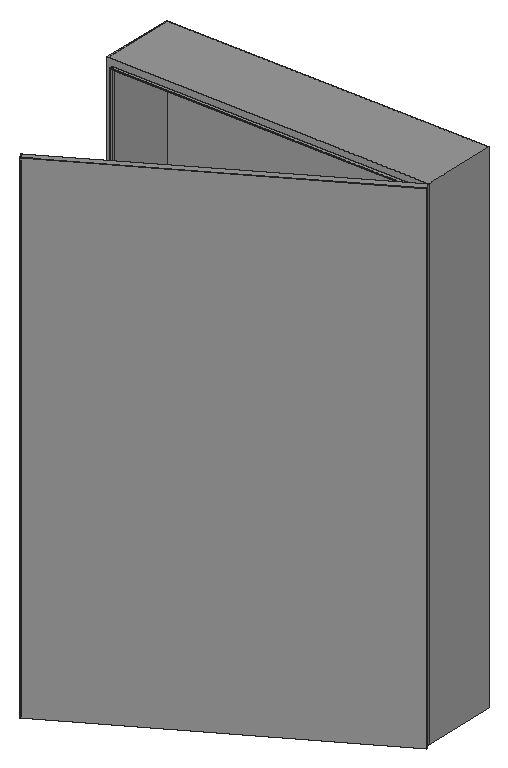
Revit family "Hager-Univers-IP44-D205-H1250-Cl.I-encl-NoHosted-PL-en", category Equipement électrique, Revit 2020
Family settings
  Configuration du panneau = Deux colonnes, circuits au sein
  Cote de connecteur circulaire = Utiliser le diamètre
  Type d'élément = Tableau de raccordement
  Basée sur le plan de construction = Oui
  Toujours verticalement = Oui
  Couper avec des vides une fois chargée = Non
  Partagée = Non
  Point de calcul de pièce = Non
Parameters (values of type "Surface mounted (plaster) IP44 W800 H1250 D205  - FP83TN2")
  Width Control [instance] = if([EF000008 - Width] > Min Width, [EF000008 - Width], Min Width)  # 800 mm
  Commentaires du type = [HG000003 - Range]  # "Univers"
  Thickness Door [instance] = if([EF009171 - Material plate thickness door/cover] > 3 mm, 3 mm, [EF009171 - Material plate thickness door/cover])  # 1 mm
  Seal Frame Offset [instance] = 17 mm  # constant formula
  Plinth Visibility [instance] = [HG000027 - Plinth height] > 0 mm  # no
  Min Width [instance] = 100 mm  # constant formula
  Min Depth [instance] = (2 * [EF009170 - Material plate thickness cabinet]) + 1 mm  # 3 mm
  Min Height [instance] = 100 mm  # constant formula
  Internal Frame Depth [instance] = (Door System Depth * 0.5)  # 9 mm
  Panel Name [instance] = ""  # (empty or 0)
  Model = ""
  HG000027 - Plinth height = 0 mm
  HG000026 - Floor standing = no
  HG000024 - Bottom section height = 600 mm
  HG000023 - Double section enclosure = no
  HG000016 - Door 3d visibility [instance] = yes
  HG000015 - Clearance visibility [instance] = no
  HG000014 - Door on the right [instance] = yes
  HG000013 - Door on the left [instance] = not([HG000014 - Door on the right])  # no
  HG000012 - Door swing angle [instance] = 30.00°
  HG000010 - Asymmetric doors = no
  HG000009 - Double swing door = no
  HG000006 - Flush mounted = no
  HG000004 - Manufacturer reference = "FP83TN2"
  HG000003 - Range = "Univers"
  HG000002 - With door or cover = yes
  Frame Offset Bottom [instance] = 10 mm  # constant formula
  Frame Offset [instance] = 15 mm  # constant formula
  EF015940 - Cover with overpressure release = no
  EF011959 - Degree of protection (NEMA) = ""
  EF009554 - Number of openings for flange plates = 6
  EF009212 - Cover model = "EV000116 - Closed"
  EF009171 - Material plate thickness door/cover = 1 mm
  EF009170 - Material plate thickness cabinet = 1 mm
  EF008873 - Nominal current (In) = 250 A
  EF007800 - Suitable for lightning protection = no
  EF006306 - With lock = no
  EF006244 - Transparent cover/door = no
  EF005474 - Degree of protection (IP) = "EV006418 - IP44"
  EF004464 - Type of door = "EV002646 - Single"
  EF004427 - Number of modules = 288
  EF004293 - Impact strength = "EV006815 - IK09"
  EF003532 - Suitable for outdoor use = no
  EF002950 - Width in number of modular spacings = 36
  EF001613 - Circuit integrity = "EV000494 - None"
  EF001596 - Material housing = "EV000179 - Steel"
  EF001131 - Internal depth = 130 mm
  EF001088 - Extension possible = yes
  EF000437 - Number of conduit inlets = 6
  EF000339 - Type of cover = "EV001012 - Cover"
  EF000266 - Number of rows = 8
  EF000218 - Built-in depth = 205 mm
  EF000118 - With mounting plate = no
  EF000116 - RAL-number = "9010"
  EF000049 - Depth = 205 mm
  EF000040 - Height = 1250 mm
  EF000008 - Width = 800 mm
  EF000007 - Colour = "EV000202 - White"
  EF000003 - Mounting method = "EV000384 - Surface mounted (plaster)"
  Door System Leaf Tolerance [instance] = 1.5 mm  # constant formula
  Door System Depth [instance] = 18 mm  # constant formula
  Door Height [instance] = Height Control - [HG000027 - Plinth height]  # 1250 mm
  Description = ""
  Default Elevation = 1219.2 mm
  Connector Offset [instance] = Height Control / 2  # 625 mm
  Fabricant = "Hager"  # constant formula
  Height Control [instance] = if([EF000040 - Height] > Min Height, [EF000040 - Height], Min Height)  # 1250 mm
  Depth Control [instance] = if([EF000049 - Depth] > Min Depth, [EF000049 - Depth], Min Depth)  # 205 mm
  Bottom Top Plate Trim [instance] = 1.5 mm  # constant formula
  Plinth height Ctrl [instance] = if([HG000027 - Plinth height] > 0 mm, [HG000027 - Plinth height], 12 mm)  # 12 mm
Types (5, lengths in mm): name | Width Control | HG000010 - Asymmetric doors | HG000009 - Double swing door | HG000004 - Manufacturer reference | EF009554 - Number of openings for flange plates | EF004464 - Type of door | EF004427 - Number of modules | EF002950 - Width in number of modular spacings | EF000437 - Number of conduit inlets | EF000008 - Width
  Surface mounted (plaster) IP44 W1050 H1250 D205  - FP84TN2 | 1050 | no | yes | "FP84TN2" | 8 | "EV003602 - Double" | 384 | 48 | 8 | 1050
  Surface mounted (plaster) IP44 W1300 H1250 D205  - FP85TN2 | 1300 | yes | yes | "FP85TN2" | 10 | "EV003602 - Double" | 480 | 60 | 10 | 1300
  Surface mounted (plaster) IP44 W300 H1250 D205  - FP81TN2 | 300 | no | no | "FP81TN2" | 2 | "EV002646 - Single" | 96 | 12 | 2 | 300
  Surface mounted (plaster) IP44 W550 H1250 D205  - FP82TN2 | 550 | no | no | "FP82TN2" | 4 | "EV002646 - Single" | 192 | 24 | 4 | 550
  Surface mounted (plaster) IP44 W800 H1250 D205  - FP83TN2 | 800 | no | no | "FP83TN2" | 6 | "EV002646 - Single" | 288 | 36 | 6 | 800
Reference planes
  plane 1 "Center (Front/Back)": y = 0
  plane 2: z = 0
  plane 3 "Center (Left/Right)": x = 0
  plane 4: y = 0
  plane 5: y = 0
  plane 6: z = 0
  plane 7: x = -400
  plane 8: x = 400
  plane 9: x = 399
  plane 10: x = -399
  plane 11: z = 0
  plane 12: z = 1
  plane 13: y = -205
  plane 14: y = -1
  plane 15: x = 0
  plane 16: y = -187
  plane 17: y = -204
  plane 18: y = -186
  plane 19: x = -384
  plane 20: x = 384
  plane 21: z = 11
  plane 22: x = -383
  plane 23: x = 383
  plane 24: z = 0
  plane 25: z = 1250
  plane 26: z = 1250
  plane 27: z = 1234
  plane 28: z = 1249
Forms (mm)
  Extrusion 1, solid, material "Hager_Steel_RAL7035_Light_Grey", detail levels medium+fine
    sketch origin (-208.679, -4572, 0) x (-1, 0, 0) y (0, -1, 0)
      loop
        line (191.321, -4385) -> (-608.679, -4385) -> (-608.679, -4572) -> (191.321, -4572) -> (191.321, -4385)
    from 0 to 1250
  Extrusion 2, void
    sketch origin (-350.771, -205, 1219.2) x (1, 0, 0) y (0, 0, 1)
      loop
        line (-48.229, 29.8) -> (-48.229, -1218.2) -> (749.771, -1218.2) -> (749.771, 29.8) -> (-48.229, 29.8)
    from -19 to -204
  Extrusion 3, void
    sketch origin (-290.084, -187, 1219.2) x (1, 0, 0) y (0, 0, 1)
      loop
        line (-93.916, -1208.2) -> (674.084, -1208.2) -> (674.084, 14.8) -> (-93.916, 14.8) -> (-93.916, -1208.2)
    from 0 to -1
  Extrusion 4, solid, material "Hager_Steel_RAL7035_Light_Grey", visible <- "Plinth Visibility", detail levels medium+fine
    sketch origin (0, 0, 0) x (1, 0, 0) y (0, 1, 0)
      loop
        line (-400, 0) -> (-400, -187) -> (400, -187) -> (400, 0) -> (-400, 0)
    from 0 to 12 <- "Plinth height Ctrl"
  Extrusion 5, solid, material "Hager_Steel_RAL7035_Light_Grey", detail levels coarse
    sketch origin (0, 0, 0) x (1, 0, 0) y (0, 1, 0)
      loop
        line (-400, 0) -> (-400, -205) -> (400, -205) -> (400, 0) -> (-400, 0)
    from 0 to 1250 <- "Height Control"
  Sweep 6, void
    path in 3D
      loop
        line (-400, -187, 12) -> (400, -187, 12) -> (400, 0, 12) -> (-400, 0, 12) -> (-400, -187, 12)
    profile origin (-400, -93.5, 12) x (1, 0, 0) y (0, 0, 1)
      loop
        line (0, 0) -> (0, -1.5) -> (1.5, -1.5)
        arc (1.5, -1.5) -> (1.061, -0.439) -> (0, 0) r 1.5
  Extrusion 7, solid, material "Hager_Steel_RAL7035_Light_Grey", detail levels fine
    sketch origin (-400, -187, 0) x (1, 0, 0) y (0, 0, 1)
      loop
        line (16, 11) -> (784, 11) -> (784, 1234) -> (16, 1234) -> (16, 11)
      loop
        line (15, 10) -> (785, 10) -> (785, 1235) -> (15, 1235) -> (15, 10)
    from 0 to 9 <- "Internal Frame Depth"
Cuts and joins
  Extrusion 2, Extrusion 3 cuts Extrusion 1
  Sweep 6 cuts Extrusion 4
Lines and regions (mm)
  Masking region 1
    outline origin (0, 0, 0) x (1, 0, 0) y (0, 1, 0)
      loop
        line (-400, 0) -> (-400, -205) -> (400, -205) -> (400, 0) -> (-400, 0)
  Masking region 2, detail levels coarse
    outline origin (-290.084, -187, 1219.2) x (-1, 0, 0) y (0, 0, 1)
      loop
        line (-690.084, -1219.2) -> (109.916, -1219.2) -> (109.916, 30.8) -> (-690.084, 30.8) -> (-690.084, -1219.2)
  Masking region 3, detail levels coarse
    outline origin (0, 0, 0) x (0, 1, 0) y (0, 0, 1)
      loop
        line (0, 0) -> (0, 1250) -> (-205, 1250) -> (-205, 0) -> (0, 0)
  Masking region 4, visible <- "Plinth Visibility", detail levels medium+fine
    outline origin (0, 0, 0) x (0, 1, 0) y (0, 0, 1)
      loop
        line (-1.5, 12) -> (-185.5, 12)
        arc (-185.5, 12) -> (-185.939, 10.939) -> (-187, 10.5) r 1.5
        line (-187, 10.5) -> (-187, 0) -> (0, 0) -> (0, 10.5)
        arc (0, 10.5) -> (-1.061, 10.939) -> (-1.5, 12) r 1.5
  Masking region 5, detail levels medium+fine
    outline origin (0, 0, 594.038) x (0, 1, 0) y (0, 0, 1)
      loop
        line (0, -594.038) -> (0, 655.962) -> (-187, 655.962) -> (-187, -594.038) -> (0, -594.038)
  Masking region 6, detail levels medium+fine
    outline origin (-359.7, -187, 1211.883) x (-1, 0, 0) y (0, 0, 1)
      loop
        line (-759.7, -1211.883) -> (40.3, -1211.883) -> (40.3, 38.117) -> (-759.7, 38.117) -> (-759.7, -1211.883)
  Masking region 7, visible <- "Plinth Visibility", detail levels medium+fine
    outline origin (-320.334, -187, 1041.368) x (-1, 0, 0) y (0, 0, 1)
      loop
        line (-720.334, -1041.368) -> (79.666, -1041.368) -> (79.666, -1030.868)
        arc (79.666, -1030.868) -> (78.606, -1030.429) -> (78.166, -1029.368) r 1.5
        line (78.166, -1029.368) -> (-718.834, -1029.368)
        arc (-718.834, -1029.368) -> (-719.273, -1030.429) -> (-720.334, -1030.868) r 1.5
        line (-720.334, -1030.868) -> (-720.334, -1041.368)
  sketch lines
    curve 1: line (-400, 0, 12) -> (-400, -187, 12)
    curve 2: line (-400, -187, 12) -> (400, -187, 12)
    curve 3: line (400, 0, 12) -> (-400, 0, 12)
    curve 4: line (400, -187, 12) -> (400, 0, 12)
Dimensions and locks
  locked: plane 1 "Center (Front/Back)" to plane 5
  "EF009170 - Material plate thickness cabinet": plane 7 to plane 10
  "EF009170 - Material plate thickness cabinet": plane 8 to plane 9
  equal spacing: plane 7, plane 3 "Center (Left/Right)", plane 8
  "Width Control": plane 7 to plane 8
  "Depth Control": plane 4 to plane 13
  "EF009170 - Material plate thickness cabinet": plane 4 to plane 14
  "Height Control": plane 25 to level
  "HG000027 - Plinth height": plane 11 to level
  "EF009170 - Material plate thickness cabinet": plane 12 to plane 11
  "EF009170 - Material plate thickness cabinet": plane 17 to plane 13
  "EF009170 - Material plate thickness cabinet": plane 18 to plane 16
  "Frame Offset Bottom": plane 21 to plane 12
  "Frame Offset": plane 10 to plane 19
  "Frame Offset": plane 9 to plane 20
  "Door System Depth": plane 16 to plane 13
  "Seal Frame Offset": plane 7 to plane 22
  "Seal Frame Offset": plane 8 to plane 23
  "EF009170 - Material plate thickness cabinet": plane 26 to plane 28
  "Frame Offset": plane 28 to plane 27
  "Connector Offset": plane 2 to connector elem
  "Bottom Top Plate Trim": profile plane to Sweep 6 sketch curve
  "Bottom Top Plate Trim": Sweep 6 sketch curve to Sweep 6 sketch curve
  "Plinth height Ctrl": Masking region 4 sketch curve to level
  "Plinth height Ctrl": Masking region 7 sketch curve to level
  "Thickness Door": Extrusion 7 sketch curve to Extrusion 7 sketch curve  (x4)
  "Bottom Top Plate Trim": radius of Sweep 6 sketch curve
  "Bottom Top Plate Trim": radius of Masking region 4 sketch curve  (x2)
  "Bottom Top Plate Trim": radius of Masking region 7 sketch curve  (x2)
  aligned and locked: Extrusion 2 sketch curve to plane 12
  aligned and locked: Extrusion 2 sketch curve to plane 9
  aligned and locked: Extrusion 2 sketch curve to plane 10
  aligned and locked: Extrusion 2 to plane 14
  aligned and locked: Extrusion 1 sketch curve to plane 4
  aligned and locked: plane 8 to Extrusion 1 sketch curve
  aligned and locked: plane 7 to Extrusion 1 sketch curve
  aligned and locked: Extrusion 2 to plane 18
  aligned and locked: Extrusion 3 sketch curve to plane 19
  aligned and locked: plane 20 to Extrusion 3 sketch curve
  aligned and locked: Extrusion 3 to Extrusion 2
  aligned and locked: Extrusion 3 sketch curve to plane 21
  aligned and locked: plane 3 "Center (Left/Right)" to nested 1
  aligned and locked: Extrusion 1 sketch curve to plane 16
  aligned and locked: Extrusion 4 sketch curve to cut or joined group of Extrusion 1, Extrusion 2, Extrusion 3
  aligned and locked: Masking region 1 sketch curve to plane 7
  aligned and locked: Masking region 1 sketch curve to plane 5
  aligned and locked: Masking region 1 sketch curve to plane 8
  aligned and locked: Masking region 2 sketch curve to level
  aligned and locked: level to Masking region 3 sketch curve
  aligned and locked: plane 1 "Center (Front/Back)" to Masking region 3 sketch curve
  aligned and locked: plane 13 to Masking region 3 sketch curve
  aligned and locked: plane 5 to Masking region 4 sketch curve
  aligned and locked: Masking region 2 sketch curve to plane 8
  aligned and locked: Masking region 2 sketch curve to plane 7
  aligned and locked: plane 7 to nested 2
  aligned and locked: nested 2 to plane 5
  aligned and locked: plane 5 to Masking region 5 sketch curve
  aligned and locked: plane 26 to Masking region 5 sketch curve
  aligned and locked: Extrusion 5 sketch curve to plane 8
  aligned and locked: Extrusion 5 sketch curve to plane 7
  aligned and locked: Extrusion 5 sketch curve to plane 5
  aligned and locked: Extrusion 3 sketch curve to plane 27
  aligned and locked: Extrusion 2 sketch curve to plane 28
  aligned and locked: Masking region 2 to plane 25
  aligned and locked: Extrusion 4 to plane 16
  aligned and locked: profile plane to Sweep 6 sketch curve
  aligned and locked: Masking region 5 sketch curve to plane 24
  aligned and locked: level to Masking region 4 sketch curve
  aligned and locked: Masking region 1 to plane 13
  aligned and locked: nested 1 to plane 16
  aligned and locked: Masking region 3 to plane 25
  aligned and locked: plane 16 to Masking region 4 sketch curve
  aligned and locked: Masking region 5 sketch curve to plane 16
  aligned and locked: plane 24 to plane 11
  aligned and locked: plane 26 to plane 25
  aligned and locked: plane 26 to cut or joined group of Extrusion 1, Extrusion 2, Extrusion 3
  aligned and locked: nested 1 to plane 24
  aligned and locked: Extrusion 1 to Extrusion 3
  aligned and locked: Masking region 6 sketch curve to plane 8
  aligned and locked: Masking region 6 sketch curve to plane 24
  aligned and locked: Masking region 6 sketch curve to plane 7
  aligned and locked: Masking region 6 sketch curve to plane 26
  aligned and locked: Masking region 7 sketch curve to plane 7
  aligned and locked: level to Masking region 7 sketch curve
  aligned and locked: Masking region 7 sketch curve to plane 8
  aligned and locked: Extrusion 7 sketch curve to cut or joined group of Extrusion 1, Extrusion 2, Extrusion 3  (x4)
Automatic sketch dimensions
  plane 19 to Extrusion 3 sketch curve = 0 mm
  Extrusion 3 sketch curve to plane 20 = 0 mm
  Extrusion 3 sketch curve to plane 21 = 0 mm
  Extrusion 4 sketch curve to plane 7 = 0 mm
  Extrusion 4 sketch curve to plane 8 = 0 mm
  Extrusion 4 sketch curve to plane 16 = 0 mm
  Masking region 1 sketch curve to plane 13 = 0 mm
  Masking region 2 sketch curve to plane 25 = 0 mm
  Masking region 3 sketch curve to plane 25 = 0 mm
  Extrusion 5 sketch curve to plane 13 = 0 mm
  profile plane to Sweep 6 sketch curve = 0 mm
Nested families
  nested 1: "EC000058_Univers_Door" at (0, -187, 0), Double <- "HG000009 - Double swing door", Transparent <- "EF006244 - Transparent cover/door", Angle <- "HG000012 - Door swing angle", Door_Right <- "HG000014 - Door on the right", Assymetrical <- "HG000010 - Asymmetric doors", Door <- "HG000002 - With door or cover", Width_Ctrl <- "Width Control", 3d_Door <- "HG000016 - Door 3d visibility", Clearance <- "HG000015 - Clearance visibility", Door_Left <- "HG000013 - Door on the left", Width <- "Width Control", Door_Depth <- "Door System Depth", Leaf_Tolerance <- "Door System Leaf Tolerance", Height <- "Door Height", Lock_Visibility <- "EF006306 - With lock", Thickness <- "Thickness Door", type "EC000058_Univers_Door", detail levels medium+fine
    with min_wh 3 mm, Width_Ctrl 800 mm, Width 800 mm, Transparent no, Thickness 1 mm, Seal_Material Hager_Rubber, Lock_Visibility no, Lock_Material Hager_Plastic_RAL9005_Jet_Black, Leaf_Width 800 mm, Leaf_Tolerance_External_Sides 0 mm, Leaf_Tolerance 1.5 mm, Leaf_Offset 0 mm, Leaf_Height 1247 mm, Leaf_2_Width 800 mm, Leaf_2_Offset 400 mm, Leaf_1_Width 800 mm, Leaf_1_Offset 400 mm, Height_Ctrl 1250 mm, Height 1250 mm, Glass_Material Hager_Glass, Double_Clearance_Ctrl no, Double no, Door_Right_Ctrl yes, Door_Right yes, Door_Material Hager_Steel_RAL7035_Light_Grey, Door_Left_Ctrl no, Door_Left no, Door_Depth 18 mm, Door yes, Clearance_Material Hager_Clearance, Clearance_Depth 800 mm, Clearance_Ctrl no, Clearance no, Assymetrical no, Angle 30.00°, 3d_Door yes
  nested 2: "Hager_Enclosure_Symbol" at (-400, 0, 0), Height <- "Depth Control", Width <- "Width Control", type "Hager_Enclosure_Symbol"
    with Width_Ctrl 800 mm, Width 800 mm, Height_Ctrl 205 mm, Height 205 mm, A_Width_Int 13.453 mm, A_Width 161.438 mm, A_Height_Ctrl 179.375 mm, A_Height 179.375 mm
Connectors
  electrical at (0, 0, 625)
    settings: on plane 1 "Center (Front/Back)", index 1, voltage 0 V, apparent load 0 VA, apparent load phase1 0 VA, apparent load phase2 0 VA, apparent load phase3 0 VA, power factor 1, load classification "Other", number of poles 1, system type 30, power factor state 1, is connector primary yes, connector utility no, sub classification motor no, connector description ""
Definition of nested family "EC000058_Univers_Door"
  Parameters (values of type "EC000058_Univers_Door")
    min_wh [instance] = (2 * Thickness) + 1 mm  # 11 mm
    Width_Ctrl [instance] = 400 mm
    Width [instance] = 500 mm
    Transparent [instance] = yes
    Thickness [instance] = 5 mm
    Seal_Material [instance] = none
    Lock_Visibility [instance] = yes
    Lock_Material [instance] = none
    Leaf_Width [instance] = if((Width_Ctrl - 2 * Leaf_Tolerance_External_Sides) > 0 mm, (Width_Ctrl - 2 * Leaf_Tolerance_External_Sides), min_wh)  # 400 mm
    Leaf_Tolerance_External_Sides [instance] = 0 mm  # constant formula
    Leaf_Tolerance [instance] = 1.5 mm
    Leaf_Offset [instance] = 0 mm  # constant formula
    Leaf_Height [instance] = if((Height_Ctrl - 2 * Leaf_Tolerance) > 0 mm, (Height_Ctrl - 2 * Leaf_Tolerance), min_wh)  # 497 mm
    Leaf_2_Width [instance] = if(and(and(Double, Assymetrical), Door_Left), (Leaf_Width / 3) - (Leaf_Tolerance / 2), if(and(and(Double, Assymetrical), Door_Right), (Leaf_Width / 3) * 2 - (Leaf_Tolerance / 2), if(and(Double, not(Assymetrical)), (Leaf_Width / 2) - Leaf_Tolerance, Leaf_Width)))  # 400 mm
    Leaf_2_Offset [instance] = if(and(Double, Assymetrical), Leaf_2_Width / 2, if(and(Double, not(Assymetrical)), Leaf_Width / 4, Leaf_Width / 2))  # 200 mm
    Leaf_1_Width [instance] = if(and(and(Double, Assymetrical), Door_Right), (Leaf_Width / 3) - (Leaf_Tolerance / 2), if(and(and(Double, Assymetrical), Door_Left), (Width / 3) * 2 - (Leaf_Tolerance / 2), if(and(Double, not(Assymetrical)), (Leaf_Width / 2) - Leaf_Tolerance, Leaf_Width)))  # 400 mm
    Leaf_1_Offset [instance] = if(and(Double, Assymetrical), Leaf_1_Width / 2, if(and(Double, not(Assymetrical)), Leaf_Width / 4, Leaf_Width / 2))  # 200 mm
    Height_Ctrl [instance] = if(Height > min_wh, Height, min_wh)  # 500 mm
    Height [instance] = 500 mm
    Glass_Material [instance] = none
    Double_Clearance_Ctrl [instance] = and(Double, Clearance)  # no
    Double [instance] = no
    Door_Right_Ctrl [instance] = and(or(Door_Right, Double), Door)  # yes
    Door_Right [instance] = yes
    Door_Material [instance] = none
    Door_Left_Ctrl [instance] = and(or(Door_Left, Double), Door)  # no
    Door_Left [instance] = no
    Door_Depth [instance] = 30 mm
    Door [instance] = yes
    Default Elevation = 1219.2 mm
    Clearance_Material [instance] = none
    Clearance_Depth [instance] = if(Leaf_1_Width > Leaf_2_Width, Leaf_1_Width, Leaf_2_Width)  # 400 mm
    Clearance_Ctrl [instance] = and(not(Double), Clearance)  # yes
    Clearance [instance] = yes
    Assymetrical [instance] = yes
    Angle [instance] = 30.00°
    3d_Door [instance] = yes
  Reference planes
    plane 1 "Center (Front/Back)": y = 0
    plane 2 "Bottom": z = 0
    plane 3 "Center (Left/Right)": x = 0
    plane 4: z = 500
    plane 5: x = -200
    plane 6: x = 200
    plane 7: z = 500
    plane 8: x = -200
    plane 9: z = 0
    plane 10: x = 200
    plane 11: y = 0
    plane 12: z = 1.5
    plane 13: x = -600
    plane 14: y = -400
    plane 15: x = 600
    plane 16: x = 0
    plane 17: x = 0
    plane 18: x = -200
    plane 19: x = 200
    plane 20: z = 498.5
  Forms (mm)
    Extrusion 1, solid, material <- "Clearance_Material", visible <- "Double_Clearance_Ctrl"
      sketch origin (1200, 0, 0) x (1, 0, 0) y (0, 0, -1)
        loop
          line (-1800, -498.5) -> (-600, -498.5) -> (-600, 0) -> (-1800, 0) -> (-1800, -498.5)
      from 0 to -400
  Dimensions and locks
    equal spacing: plane 5, plane 3 "Center (Left/Right)", plane 6
    "Width_Ctrl": plane 5 to plane 6
    "Leaf_Offset": plane 5 to plane 8
    "Leaf_Offset": plane 6 to plane 10
    "Leaf_Offset": plane 9 to level
    "Leaf_Offset": plane 4 to plane 7
    "Height_Ctrl": plane 4 to level
    "Leaf_Tolerance": plane 12 to plane 9
    locked: plane 11 to plane 1 "Center (Front/Back)"
    "Leaf_1_Offset": plane 18 to plane 16
    "Leaf_2_Offset": plane 17 to plane 19
    "Leaf_1_Width": plane 13 to plane 8
    "Leaf_2_Width": plane 10 to plane 15
    "Clearance_Depth": plane 14 to plane 1 "Center (Front/Back)"
    "Leaf_Tolerance_External_Sides": plane 8 to plane 18
    "Leaf_Tolerance_External_Sides": plane 19 to plane 10
    "Leaf_Tolerance": plane 7 to plane 20
    aligned and locked: level to plane 2 "Bottom"
    aligned and locked: nested 1 to plane 16
    aligned and locked: nested 2 to plane 17
    aligned and locked: Extrusion 1 to plane 13
    aligned and locked: plane 15 to Extrusion 1
    aligned and locked: Extrusion 1 to plane 14
    aligned and locked: plane 12 to nested 1
    aligned and locked: nested 2 to plane 12
    aligned and locked: Extrusion 1 to plane 11
    aligned and locked: plane 20 to Extrusion 1
    aligned and locked: nested 2 to plane 11
    aligned and locked: nested 1 to plane 11
  Automatic sketch dimensions
    Extrusion 1 sketch curve to level = 0 mm
    plane 5 to Extrusion 1 sketch curve = 400 mm
    plane 6 to Extrusion 1 sketch curve = 400 mm
    Extrusion 1 sketch curve to plane 4 = 1.5 mm
  Nested families
    nested 1: "EC000058_Univers_Door_Leaf" at (0, 0, 1.5), Width <- "Leaf_1_Width", visible <- "Door_Left_Ctrl", Leaf_Height <- "Leaf_Height", Angle <- "Angle", 3d_Door <- "3d_Door", Transparent <- "Transparent", Clearance Material <- "Clearance_Material", Clearance <- "Clearance_Ctrl", Door_Material <- "Door_Material", Glass_Material <- "Glass_Material", Door_Depth <- "Door_Depth", Lock_Material <- "Lock_Material", Seal_Material <- "Seal_Material", Lock_Visibility <- "Lock_Visibility", Thickness <- "Thickness", type "EC000058_Univers_Door_Leaf"
      with Width 400 mm, Transparent_Glass_Offset 30 mm, Transparent_Ctrl yes, Transparent yes, Thickness 5 mm, Standard no, Seal_Material none, Seal_D2 8 mm, Seal_D1 1 mm, Offset_Internal_Frame 10 mm, Lock_Width 20 mm, Lock_Visibility_3d yes, Lock_Visibility yes, Lock_Thickness_3 3 mm, Lock_Thickness_2 1 mm, Lock_Thickness_1 3 mm, Lock_Radius_Offset_2 16 mm, Lock_Radius_Offset_1 15 mm, Lock_Radius_2 5 mm, Lock_Radius 6 mm, Lock_Offset 5 mm, Lock_Material none, Lock_Height 80 mm, Lock_Cover_Top_Offset_2d 17 mm, Lock_Cover_Height -65 mm, Leaf_Height 497 mm, Internal_Seal_Thickness 8 mm, Internal_Seal_Depth_2 4.5 mm, Internal_Frame_Depth 25 mm, Glass_Thickness -1 mm, Glass_Offset -2 mm, Glass_Material none, Door_Material none, Door_Depth 30 mm, Clearance Material none, Clearance yes, Angle_Ctrl 30.00°, Angle 30.00°, 3d_Door yes
    nested 2: "EC000058_Univers_Door_Leaf" at (0, 0, 1.5) x (-1, 0, 0) z (0, 0, 1), Width <- "Leaf_2_Width", visible <- "Door_Right_Ctrl", Leaf_Height <- "Leaf_Height", Angle <- "Angle", 3d_Door <- "3d_Door", Transparent <- "Transparent", Clearance Material <- "Clearance_Material", Clearance <- "Clearance_Ctrl", Door_Material <- "Door_Material", Glass_Material <- "Glass_Material", Door_Depth <- "Door_Depth", Lock_Material <- "Lock_Material", Seal_Material <- "Seal_Material", Lock_Visibility <- "Lock_Visibility", Thickness <- "Thickness", type "EC000058_Univers_Door_Leaf"
      with Width 400 mm, Transparent_Glass_Offset 30 mm, Transparent_Ctrl yes, Transparent yes, Thickness 5 mm, Standard no, Seal_Material none, Seal_D2 8 mm, Seal_D1 1 mm, Offset_Internal_Frame 10 mm, Lock_Width 20 mm, Lock_Visibility_3d yes, Lock_Visibility yes, Lock_Thickness_3 3 mm, Lock_Thickness_2 1 mm, Lock_Thickness_1 3 mm, Lock_Radius_Offset_2 16 mm, Lock_Radius_Offset_1 15 mm, Lock_Radius_2 5 mm, Lock_Radius 6 mm, Lock_Offset 5 mm, Lock_Material none, Lock_Height 80 mm, Lock_Cover_Top_Offset_2d 17 mm, Lock_Cover_Height -65 mm, Leaf_Height 497 mm, Internal_Seal_Thickness 8 mm, Internal_Seal_Depth_2 4.5 mm, Internal_Frame_Depth 25 mm, Glass_Thickness -1 mm, Glass_Offset -2 mm, Glass_Material none, Door_Material none, Door_Depth 30 mm, Clearance Material none, Clearance yes, Angle_Ctrl 30.00°, Angle 30.00°, 3d_Door yes
  Definition of nested family "EC000058_Univers_Door_Leaf"
    Parameters (values of type "EC000058_Univers_Door_Leaf")
      Width [instance] = 2000 mm
      Transparent_Glass_Offset [instance] = 30 mm
      Transparent_Ctrl [instance] = and(Transparent, [3d_Door])  # yes
      Transparent [instance] = yes
      Thickness [instance] = 5 mm
      Standard [instance] = and(not(Transparent), [3d_Door])  # no
      Seal_Material [instance] = none
      Seal_D2 [instance] = 8 mm  # constant formula
      Seal_D1 [instance] = 1 mm  # constant formula
      Offset_Internal_Frame [instance] = 10 mm  # constant formula
      Lock_Width [instance] = 20 mm  # constant formula
      Lock_Visibility_3d [instance] = and(Lock_Visibility, [3d_Door])  # yes
      Lock_Visibility [instance] = yes
      Lock_Thickness_3 [instance] = 3 mm  # constant formula
      Lock_Thickness_2 [instance] = 1 mm  # constant formula
      Lock_Thickness_1 [instance] = 3 mm  # constant formula
      Lock_Radius_Offset_2 [instance] = Lock_Radius_Offset_1 + 1 mm  # 16 mm
      Lock_Radius_Offset_1 [instance] = 15 mm  # constant formula
      Lock_Radius_2 [instance] = Lock_Radius - 1 mm  # 5 mm
      Lock_Radius [instance] = 6 mm  # constant formula
      Lock_Offset [instance] = 5 mm  # constant formula
      Lock_Material [instance] = none
      Lock_Height [instance] = 80 mm  # constant formula
      Lock_Cover_Top_Offset_2d [instance] = Lock_Radius_Offset_2 + 1 mm  # 17 mm
      Lock_Cover_Height [instance] = -(Lock_Height - Lock_Radius_Offset_1)  # -65 mm
      Leaf_Height [instance] = 2720.336 mm
      Internal_Seal_Thickness [instance] = 8 mm  # constant formula
      Internal_Seal_Depth_2 [instance] = 4.5 mm  # constant formula
      Internal_Frame_Depth [instance] = if(Door_Depth - Thickness > 5 mm, Door_Depth - Thickness, 5 mm)  # 25 mm
      Glass_Thickness [instance] = if(Thickness > 15 mm, Glass_Offset + 10 mm, -1 mm)  # -1 mm
      Glass_Offset [instance] = if(Thickness > 15 mm, -(Thickness + 10 mm) / 2, -2 mm)  # -2 mm
      Glass_Material [instance] = none
      Door_Material [instance] = none
      Door_Depth [instance] = 30 mm
      Default Elevation = 0 mm
      Clearance Material [instance] = none
      Clearance [instance] = yes
      Angle_Ctrl [instance] = if(Angle > 180.00°, 180.00°, Angle)  # 90.00°
      Angle [instance] = 90.00°
      3d_Door [instance] = yes
    Reference planes
      plane 1 "Center (Front/Back)": y = 0
      plane 2: z = 0
      plane 3 "Center (Left/Right)": x = 0
      plane 4: y = 2000
      plane 5: x = -1000
      plane 6: x = 1000
      plane 7: x = -3000
      plane 8: z = 2720.336
      plane 9: z = 30
      plane 10: z = 2690.336
      plane 11: x = 970
      plane 12: x = -970
      plane 13: y = -3
      plane 14: z = 107.833
      plane 15: y = -5
      plane 16: y = -223.314
      plane 17: x = -1000
      plane 18: z = 1360.168
      plane 19: y = 30
    Forms (mm)
      Extrusion 1, solid, material <- "Clearance Material", visible <- "Clearance"
        sketch origin (0, 0, 0) x (1, 0, 0) y (0, 0, 1)
          loop
            line (-3000, 2720.336) -> (-3000, 0) -> (1000, 0) -> (1000, 2720.336) -> (-3000, 2720.336)
        from 0 to -2000
      Extrusion 2, solid, material <- "Door_Material", visible <- "Standard", detail levels medium+fine
        sketch origin (-1000, 0, 0) x (0, 1, 0) y (-1, 0, 0)
          loop
            line (0, 30) -> (0, 25) -> (2000, 25) -> (2000, 30) -> (0, 30)
        from 0 to 2720.336 <- "Leaf_Height"
      Extrusion 3, solid, material <- "Door_Material", visible <- "Transparent_Ctrl", detail levels medium+fine
        sketch origin (-1000, 0, 0) x (0, 1, 0) y (-1, 0, 0)
          loop
            line (0, 25) -> (2000, 25) -> (2000, 30) -> (0, 30) -> (0, 25)
        from 0 to 2720.336 <- "Leaf_Height"
      Extrusion 4, void
        sketch origin (-1025, 2000, 0) x (0, 1, 0) y (0, 0, -1)
          loop
            line (-30, -2690.336) -> (-30, -30) -> (-1970, -30) -> (-1970, -2690.336) -> (-30, -2690.336)
        from 0 to 5 <- "Thickness"
      Sweep 5, solid, material <- "Seal_Material", visible <- "Transparent_Ctrl", detail levels fine
        path in 3D
          loop
            line (-1025, 30, 30) -> (-1025, 30, 2690.336) -> (-1025, 1970, 2690.336) -> (-1025, 1970, 30) -> (-1025, 30, 30)
        profile origin (-1025, 1000, 30) x (1, 0, 0) y (0, 0, 1)
          loop
            line (0, 0) -> (0, -8) -> (1, -8) -> (1, 0) -> (0, 0)
      Extrusion 6, solid, material <- "Glass_Material", visible <- "Transparent_Ctrl", detail levels medium+fine
        sketch origin (-1030, 0, 0) x (0, 1, 0) y (0, 0, -1)
          loop
            line (1970, -2690.336) -> (1970, -30) -> (30, -30) -> (30, -2690.336) -> (1970, -2690.336)
        from -2 <- "Glass_Offset" to -1 <- "Glass_Thickness"
      Extrusion 7, solid, material <- "Door_Material", visible <- "3d_Door", detail levels medium+fine
        sketch origin (-1025, 2000, 0) x (0, -1, 0) y (0, 0, -1)
          loop
            line (0, -2720.336) -> (2000, -2720.336) -> (2000, 0) -> (0, 0) -> (0, -2720.336)
          loop
            line (1995, -5) -> (5, -5) -> (5, -2715.336) -> (1995, -2715.336) -> (1995, -5)
        from 0 to 25 <- "Internal_Frame_Depth"
      Sweep 8, solid, material <- "Seal_Material", visible <- "Transparent_Ctrl", detail levels fine
        path in 3D
          loop
            line (-1025, 0, 0) -> (-1025, 2000, 0) -> (-1025, 2000, 2720.336) -> (-1025, 0, 2720.336) -> (-1025, 0, 0)
        profile origin (-1025, 0, 1360.168) x (1, 0, 0) y (0, 1, 0)
          loop
            line (0, 10) -> (2.975, 10)
            arc (2.975, 10) -> (4.053, 10.447) -> (4.5, 11.525) r 1.525
            line (4.5, 11.525) -> (4.5, 16.527)
            arc (4.5, 16.527) -> (4.069, 17.569) -> (3.027, 18) r 1.473
            line (3.027, 18) -> (0, 18) -> (0, 10)
      Extrusion 9, solid, material <- "Lock_Material", visible <- "Lock_Visibility_3d", detail levels fine
        sketch origin (-1030, 0, 0) x (0, 1, 0) y (0, 0, -1)
          loop
            arc (1993.5, -1400.168) -> (1994.561, -1399.729) -> (1995, -1398.668) r 1.5
            line (1995, -1398.668) -> (1995, -1320.168) -> (1975, -1320.168) -> (1975, -1398.668)
            arc (1975, -1398.668) -> (1975.439, -1399.729) -> (1976.5, -1400.168) r 1.5
            line (1976.5, -1400.168) -> (1993.5, -1400.168)
        from 3 <- "Lock_Thickness_1" to 0
      Blend 10, solid, material <- "Lock_Material", visible <- "Lock_Visibility_3d", detail levels fine
        base sketch origin (-1033, 0, 0) x (0, 1, 0) y (0, 0, -1)
          loop
            line (1975, -1320.168) -> (1975, -1398.668)
            arc (1975, -1398.668) -> (1975.439, -1399.729) -> (1976.5, -1400.168) r 1.5
            line (1976.5, -1400.168) -> (1993.5, -1400.168)
            arc (1993.5, -1400.168) -> (1994.561, -1399.729) -> (1995, -1398.668) r 1.5
            line (1995, -1398.668) -> (1995, -1320.168) -> (1975, -1320.168)
        top sketch origin (-1033, 0, 0) x (0, 1, 0) y (0, 0, -1)
          loop
            line (1976, -1320.168) -> (1976, -1398.668)
            arc (1976, -1398.668) -> (1976.146, -1399.022) -> (1976.5, -1399.168) r 0.5
            line (1976.5, -1399.168) -> (1993.5, -1399.168)
            arc (1993.5, -1399.168) -> (1993.854, -1399.022) -> (1994, -1398.668) r 0.5
            line (1994, -1398.668) -> (1994, -1320.168) -> (1976, -1320.168)
        from 0 to 1 <- "Lock_Thickness_2"
      Blend 11, solid, material <- "Lock_Material", visible <- "Lock_Visibility_3d", detail levels fine
        base sketch origin (-1034, 0, 0) x (0, 1, 0) y (0, 0, -1)
          loop
            line (1978, -1320.168) -> (1978, -1384.168)
            arc (1978, -1384.168) -> (1985, -1391.168) -> (1992, -1384.168) r 7
            line (1992, -1384.168) -> (1992, -1320.168) -> (1978, -1320.168)
        top sketch origin (-1034, 0, 0) x (0, 1, 0) y (0, 0, -1)
          loop
            line (1991, -1320.168) -> (1979, -1320.168) -> (1979, -1383.168)
            arc (1979, -1383.168) -> (1985, -1389.168) -> (1991, -1383.168) r 6
            line (1991, -1383.168) -> (1991, -1320.168)
        from 0 to 3 <- "Lock_Thickness_3"
      Extrusion 12, solid, material <- "Lock_Material", visible <- "Lock_Visibility_3d", detail levels fine
        sketch origin (-1030, 1975, 1320.168) x (1, 0, 0) y (0, -1, 0)
          loop
            line (-7, -19) -> (-7, -1) -> (0, -1) -> (0, 0) -> (-8, 0) -> (-8, -20) -> (0, -20) -> (0, -19) -> (-7, -19)
        from 0 to -65 <- "Lock_Cover_Height"
      Extrusion 13, void
        sketch origin (-1038, 1995, 1320.168) x (-1, 0, 0) y (0, 0, -1)
          loop
            line (-5, -65) -> (0, -65) -> (-5, -60) -> (-5, -65)
        from 0 to 20 <- "Lock_Width"
      Extrusion 14, void
        sketch origin (-1038, 1975, 1320.168) x (0, -1, 0) y (0, 0, -1)
          loop
            circle (-10, -15.995) r 6
          loop
            circle (-10, -15.995) r 5
        from 0 to 2
      Extrusion 15, solid, material <- "Lock_Material", visible <- "Lock_Visibility_3d", detail levels medium
        sketch origin (-1030, 0, 0) x (0, 1, 0) y (0, 0, -1)
          loop
            arc (1993.5, -1400.168) -> (1994.561, -1399.729) -> (1995, -1398.668) r 1.5
            line (1995, -1398.668) -> (1995, -1320.168) -> (1975, -1320.168) -> (1975, -1398.668)
            arc (1975, -1398.668) -> (1975.439, -1399.729) -> (1976.5, -1400.168) r 1.5
            line (1976.5, -1400.168) -> (1993.5, -1400.168)
        from 8 to 0
    Cuts and joins
      Extrusion 4 cuts Extrusion 3
      Extrusion 13, Extrusion 14 cuts Extrusion 9
      Extrusion 14 cuts Blend 11
      Extrusion 13, Extrusion 14 cuts Extrusion 12
      joined: Extrusion 9, Blend 10, Blend 11, Extrusion 12
      Extrusion 14 cuts Extrusion 15
    Lines and regions (mm)
      Masking region 1, visible <- "Lock_Visibility", detail levels fine
        outline origin (0, 0, 0) x (0, 1, 0) y (0, 0, 1)
          loop
            line (30, 1320.168) -> (33, 1320.168) -> (33, 1400.168) -> (30, 1400.168) -> (30, 1320.168)
      Masking region 2, visible <- "Lock_Visibility", detail levels fine
        outline origin (0, 3.143, 0) x (0, 1, 0) y (0, 0, 1)
          loop
            line (29.857, 1354.168) -> (30.857, 1354.168) -> (30.857, 1366.168) -> (29.857, 1366.168) -> (29.857, 1354.168)
      Masking region 3, detail levels medium+fine
        outline origin (0, 0, 0) x (0, 1, 0) y (0, 0, 1)
          loop
            line (0, 0) -> (30, 0) -> (30, 2720.336) -> (0, 2720.336) -> (0, 0)
      Masking region 4, detail levels medium+fine
        outline origin (0, 0, 0) x (1, 0, 0) y (0, 0, 1)
          loop
            line (-1000, 2720.336) -> (-1000, 0) -> (1000, 0) -> (1000, 2720.336) -> (-1000, 2720.336)
      Masking region 5, visible <- "Lock_Visibility", detail levels fine
        outline origin (-47.116, 0, 0) x (1, 0, 0) y (0, 0, 1)
          loop
            arc (1024.616, 1399.168) -> (1023.556, 1398.729) -> (1023.116, 1397.668) r 1.5
            line (1023.116, 1397.668) -> (1023.116, 1320.168) -> (1041.116, 1320.168) -> (1041.116, 1397.668)
            arc (1041.116, 1397.668) -> (1040.677, 1398.729) -> (1039.616, 1399.168) r 1.5
            line (1039.616, 1399.168) -> (1024.616, 1399.168)
      Masking region 6, visible <- "Lock_Visibility", detail levels medium+fine
        outline origin (-25, 0, 0) x (1, 0, 0) y (0, 0, 1)
          loop
            arc (1001.5, 1400.168) -> (1000.439, 1399.729) -> (1000, 1398.668) r 1.5
            line (1000, 1398.668) -> (1000, 1320.168) -> (1020, 1320.168) -> (1020, 1398.668)
            arc (1020, 1398.668) -> (1019.561, 1399.729) -> (1018.5, 1400.168) r 1.5
            line (1018.5, 1400.168) -> (1001.5, 1400.168)
      Masking region 7, visible <- "Lock_Visibility", detail levels fine
        outline origin (-73.735, 0, 0) x (1, 0, 0) y (0, 0, 1)
          loop
            line (1051.735, 1382.168) -> (1065.735, 1382.168) -> (1065.735, 1384.168)
            arc (1065.735, 1384.168) -> (1058.735, 1391.168) -> (1051.735, 1384.168) r 7
            line (1051.735, 1384.168) -> (1051.735, 1382.168)
      Masking region 8, visible <- "Lock_Visibility", detail levels fine
        outline origin (-73.735, 0, 0) x (1, 0, 0) y (0, 0, 1)
          loop
            line (1052.735, 1382.168) -> (1064.735, 1382.168) -> (1064.735, 1383.168)
            arc (1064.735, 1383.168) -> (1058.735, 1389.168) -> (1052.735, 1383.168) r 6
            line (1052.735, 1383.168) -> (1052.735, 1382.168)
      Masking region 9, visible <- "Lock_Visibility", detail levels fine
        outline origin (-25, 0, 0) x (1, 0, 0) y (0, 0, 1)
          loop
            line (1020, 1320.168) -> (1020, 1382.168) -> (1000, 1382.168) -> (1000, 1320.168) -> (1020, 1320.168)
      Masking region 10, detail levels medium+fine
        outline origin (0, 0, 0) x (1, 0, 0) y (0, 0, 1)
          loop
            circle (985, 1335.144) r 6
      Masking region 11, detail levels fine
        outline origin (0, 0, 0) x (1, 0, 0) y (0, 0, 1)
          loop
            circle (985, 1335.144) r 5
      Masking region 12, visible <- "Lock_Visibility", detail levels fine
        outline origin (0, 12.767, 0) x (0, 1, 0) y (0, 0, 1)
          loop
            line (20.233, 1320.168) -> (21.233, 1320.168) -> (21.233, 1399.168) -> (20.233, 1400.168) -> (20.233, 1320.168)
      Masking region 13, visible <- "Lock_Visibility", detail levels fine
        outline origin (0, 13.767, -10) x (0, 1, 0) y (0, 0, 1)
          loop
            line (20.233, 1330.168) -> (23.233, 1330.168) -> (23.233, 1399.168) -> (20.233, 1402.168) -> (20.233, 1330.168)
      Masking region 14, visible <- "Lock_Visibility", detail levels fine
        outline origin (0, 12.767, -10) x (0, 1, 0) y (0, 0, 1)
          loop
            line (20.233, 1330.168) -> (25.233, 1330.168) -> (25.233, 1399.305) -> (20.233, 1394.305) -> (20.233, 1330.168)
      Masking region 15, visible <- "Lock_Visibility", detail levels medium
        outline origin (0, 0, 0) x (0, 1, 0) y (0, 0, 1)
          loop
            line (30, 1320.168) -> (38, 1320.168) -> (38, 1400.168) -> (30, 1400.168) -> (30, 1320.168)
      Masking region 16, visible <- "Lock_Visibility", detail levels fine
        outline origin (-1000, 0, 0) x (0, 1, 0) y (-1, 0, 0)
          loop
            line (1975, 30) -> (1995, 30) -> (1995, 38) -> (1975, 38) -> (1975, 30)
          loop
            line (1979, 37) -> (1976, 37) -> (1976, 34) -> (1978, 34) -> (1979, 37)
          loop
            line (1994, 37) -> (1991, 37) -> (1992, 34) -> (1994, 34) -> (1994, 37)
      Masking region 17, visible <- "Lock_Visibility", detail levels medium
        outline origin (-1000, 0, 0) x (0, 1, 0) y (-1, 0, 0)
          loop
            line (1975, 30) -> (1995, 30) -> (1995, 38) -> (1975, 38) -> (1975, 30)
      symbolic lines
        curve 1: line (1000, 0, 0) -> (-3000, 0, 0)
        curve 2: arc (1000, 0, 0) -> (-1000, 2000, 0) -> (-3000, 0, 0) r 2000
        curve 4: line (-1030, 0, 0) -> (-1030, 2000, 0)
      reference lines
        curve 3: line (-1000, 0, 0) -> (-1000, 2000, 0)
      symbolic lines, detail levels medium+fine
        curve 5: line (-1030, 2000, 0) -> (-1025, 2000, 0)
        curve 7: line (-1025, 0, 0) -> (-1030, 0, 0)
        curve 8: line (-1025, 0, 0) -> (-1000, 0, 0)
        curve 9: line (-1000, 0, 0) -> (-1000, 2000, 0)
        curve 10: line (-1000, 2000, 0) -> (-1025, 2000, 0)
      symbolic lines, detail levels fine
        curve 6: line (-1025, 2000, 0) -> (-1025, 0, 0)
      sketch lines
        curve 11: line (-1025, 0, 2720.336) -> (-1025, 0, 0)
        curve 12: line (-1025, 2000, 0) -> (-1025, 0, 0)
        curve 13: line (-1025, 2000, 2720.336) -> (-1025, 2000, 0)
        curve 14: line (-1025, 0, 2720.336) -> (-1025, 2000, 2720.336)
        curve 15: line (-1025, 1970, 30) -> (-1025, 30, 30)
        curve 16: line (-1025, 30, 30) -> (-1025, 30, 2690.336)
        curve 17: line (-1025, 1970, 2690.336) -> (-1025, 1970, 30)
        curve 18: line (-1025, 30, 2690.336) -> (-1025, 1970, 2690.336)
      symbolic lines, visible <- "Transparent", detail levels medium+fine
        curve 19: line (-970, 0, 2690.336) -> (970, 0, 2690.336)
        curve 20: line (-970, 0, 30) -> (-970, 0, 2690.336)
        curve 21: line (970, 0, 30) -> (-970, 0, 30)
        curve 22: line (970, 0, 2690.336) -> (970, 0, 30)
    Dimensions and locks
      "Width": plane 1 "Center (Front/Back)" to plane 4
      equal spacing: plane 5, plane 3 "Center (Left/Right)", plane 6
      "Width": plane 5 to plane 6
      "Width": plane 7 to plane 5
      "Leaf_Height": plane 8 to level
      "Width": curve 5 to curve 3
      "Width": curve 3 to curve 3
      plane 8 to plane 10 = 30 mm
      plane 9 to level = 30 mm
      plane 12 to plane 5 = 30 mm
      plane 6 to plane 11 = 30 mm
      Extrusion 1 to Extrusion 4 sketch curve = 30 mm
      "Transparent_Glass_Offset": curve 3 to Extrusion 4 sketch curve
      "Transparent_Glass_Offset": Extrusion 4 sketch curve to cut or joined group of Extrusion 3, Extrusion 4  (x2)
      cut or joined group of Extrusion 3, Extrusion 4 to Extrusion 6 sketch curve = 30 mm
      "Transparent_Glass_Offset": cut or joined group of Extrusion 3, Extrusion 4 to Extrusion 4 sketch curve
      "Thickness": curve 6 to curve 4
      "Thickness": Extrusion 7 sketch curve to Extrusion 7 sketch curve  (x4)
      "Door_Depth": curve 4 to curve 3
      "Offset_Internal_Frame": profile plane to Sweep 8 sketch curve
      "Internal_Seal_Thickness": Sweep 8 sketch curve to Sweep 8 sketch curve
      "Internal_Seal_Depth_2": profile plane to Sweep 8 sketch curve
      "Seal_D1": profile plane to Sweep 5 sketch curve
      "Seal_D2": profile plane to Sweep 5 sketch curve
      "Thickness": Extrusion 2 sketch curve to Extrusion 2 sketch curve
      equal spacing: Extrusion 9 sketch curve, plane 18, Extrusion 9 sketch curve  (x2)
      equal spacing: Masking region 1 sketch curve, plane 18, Masking region 1 sketch curve
      "Lock_Height": Masking region 1 sketch curve to Masking region 1 sketch curve
      "Lock_Radius": Masking region 2 sketch curve to plane 18 to Masking region 2 sketch curve
      Masking region 2 sketch curve to Masking region 1 = 1 mm
      "Door_Depth": plane 19 to plane 1 "Center (Front/Back)"
      "Lock_Thickness_1": Masking region 1 sketch curve to plane 19
      "Lock_Width": Extrusion 9 sketch curve to Extrusion 9 sketch curve
      "Lock_Height": Extrusion 9 sketch curve to Extrusion 9 sketch curve
      "Lock_Offset": cut or joined group of Extrusion 3, Extrusion 4 to Extrusion 9 sketch curve
      equal spacing: plane 8, plane 18, level
      "Lock_Radius_Offset_1": Blend 11 sketch curve to Blend 10
      locked: Blend 10 to Blend 11 sketch curve at 2  (x2)
      locked: var sketch to Blend 11 sketch curve at 1  (x2)
      "Lock_Radius_Offset_2": Blend 11 sketch curve to Blend 10
      locked: Extrusion 12 sketch curve to Extrusion 12 sketch curve at 1  (x3)
      Masking region 6 sketch curve to Masking region 6 sketch curve = 80 mm
      "Lock_Height": Masking region 6 sketch curve to Masking region 6 sketch curve
      "Lock_Width": Masking region 6 sketch curve to Masking region 6 sketch curve
      locked: Masking region 6 to Masking region 5 sketch curve at 1  (x3)
      locked: Masking region 5 to Masking region 7 sketch curve at 2  (x2)
      "Lock_Radius_Offset_1": Masking region 5 to Masking region 7 sketch curve
      "Lock_Radius_Offset_2": Masking region 5 to Masking region 8 sketch curve
      locked: Masking region 7 to Masking region 8 sketch curve at 1  (x2)
      "Lock_Cover_Top_Offset_2d": Masking region 5 to Masking region 9 sketch curve
      equal spacing: Masking region 9, Masking region 10 sketch curve, Masking region 9
      equal spacing: Masking region 9, Masking region 11 sketch curve, Masking region 9
      Extrusion 15 sketch curve to Extrusion 15 sketch curve = 80 mm
      "Lock_Width": Extrusion 15 sketch curve to Extrusion 15 sketch curve
      "Lock_Height": Extrusion 15 sketch curve to Extrusion 15 sketch curve
      equal spacing: Extrusion 15 sketch curve, plane 18, Extrusion 15 sketch curve
      "Lock_Thickness_3": Masking region 13 sketch curve to Masking region 13 sketch curve
      "Lock_Height": Masking region 12 sketch curve to Masking region 12 sketch curve
      locked: Masking region 13 sketch curve to Masking region 1 at 8
      locked: Masking region 14 sketch curve to Masking region 13 at 1
      locked: Masking region 14 sketch curve to Masking region 1 at 10.863
      "Lock_Height": Masking region 15 sketch curve to Masking region 15 sketch curve
      "Lock_Offset": Extrusion 15 sketch curve to cut or joined group of Extrusion 3, Extrusion 4
      "Lock_Offset": plane 6 to Masking region 6 sketch curve
      radius of Sweep 8 sketch curve = 1.525 mm
      radius of Sweep 8 sketch curve = 1.473 mm
      radius of Extrusion 9 sketch curve = 1.5 mm  (x2)
      "Lock_Radius": radius of Extrusion 14 sketch curve
      "Lock_Radius_2": radius of Extrusion 14 sketch curve
      "Lock_Radius": radius of Masking region 10 sketch curve
      "Lock_Radius_2": radius of Masking region 11 sketch curve
      radius of Extrusion 15 sketch curve = 1.5 mm  (x2)
      "Angle_Ctrl": angle plane 1 "Center (Front/Back)" to curve 3
      locked: Masking region 12 sketch curve to Masking region 12 sketch curve (angle 45.00°)
      locked: Masking region 13 sketch curve to Masking region 13 sketch curve (angle 45.00°)
      locked: Masking region 14 sketch curve to Masking region 14 sketch curve (angle 45.00°)
      aligned and locked: level to plane 2
      aligned and locked: Extrusion 1 to curve 1
      aligned and locked: plane 6 to Extrusion 1
      aligned and locked: Extrusion 1 to plane 1 "Center (Front/Back)"
      aligned and locked: plane 4 to Extrusion 1
      aligned and locked: plane 8 to Extrusion 1
      aligned and locked: curve 7 to Extrusion 2 sketch curve
      aligned and locked: curve 5 to Extrusion 2 sketch curve
      aligned and locked: curve 7 to Extrusion 3 sketch curve
      aligned and locked: Extrusion 3 sketch curve to curve 4
      aligned and locked: Extrusion 3 sketch curve to curve 6
      aligned and locked: Extrusion 3 sketch curve to curve 5
      aligned and locked: curve 9 to curve 3
      aligned and locked: Extrusion 7 sketch curve to cut or joined group of Extrusion 3, Extrusion 4  (x4)
      aligned and locked: plane 17 to curve 3
      aligned and locked: plane 1 "Center (Front/Back)" to curve 3
      aligned and locked: plane 17 to plane 5
      aligned and locked: Sweep 8 sketch curve to profile plane
      aligned and locked: Sweep 5 sketch curve to profile plane  (x2)
      aligned and locked: Masking region 1 to Masking region 2 sketch curve
      aligned and locked: plane 19 to Masking region 1 sketch curve
      aligned and locked: plane 1 "Center (Front/Back)" to Masking region 3 sketch curve
      aligned and locked: plane 19 to Masking region 3 sketch curve
      aligned and locked: level to Masking region 3 sketch curve
      aligned and locked: Masking region 3 sketch curve to plane 8
      aligned and locked: plane 17 to Masking region 4 sketch curve
      aligned and locked: level to Masking region 4 sketch curve
      aligned and locked: Masking region 4 sketch curve to plane 8
      aligned and locked: plane 12 to curve 20
      aligned and locked: plane 10 to curve 19
      aligned and locked: plane 11 to curve 22
      aligned and locked: curve 21 to plane 9
      aligned and locked: Extrusion 2 sketch curve to cut or joined group of Extrusion 3, Extrusion 4
      aligned and locked: Blend 10 sketch curve to Extrusion 9  (x4)
      aligned and locked: Extrusion 9 to Blend 10 sketch curve
      aligned and locked: Blend 10 to Blend 11 sketch curve
      aligned and locked: Extrusion 12 sketch curve to Blend 11
      aligned and locked: Extrusion 12 sketch curve to Extrusion 9  (x4)
      aligned and locked: Masking region 5 sketch curve to Masking region 6
      aligned and locked: Masking region 9 sketch curve to Masking region 6  (x3)
      aligned and locked: Masking region 12 sketch curve to Masking region 1
      aligned and locked: Masking region 13 sketch curve to Masking region 1
      aligned and locked: Masking region 12 to Masking region 14
      aligned and locked: Masking region 14 sketch curve to Masking region 1
      aligned and locked: Masking region 15 sketch curve to Masking region 14
      aligned and locked: Masking region 13 sketch curve to Masking region 12
      aligned and locked: Masking region 16 sketch curve to cut or joined group of Extrusion 14, Extrusion 15  (x4)
      aligned and locked: Masking region 16 sketch curve to cut or joined group of Extrusion 9, Blend 10, Blend 11, Extrusion 12, Extrusion 13, Extrusion 14  (x6)
      aligned and locked: cut or joined group of Extrusion 9, Blend 10, Blend 11, Extrusion 12, Extrusion 13, Extrusion 14 to Masking region 16 sketch curve
      aligned and locked: Masking region 17 sketch curve to cut or joined group of Extrusion 14, Extrusion 15  (x3)
      aligned and locked: Masking region 17 sketch curve to cut or joined group of Extrusion 9, Blend 10, Blend 11, Extrusion 12, Extrusion 13, Extrusion 14
      aligned and locked: Masking region 9 to Masking region 8 sketch curve
      aligned and locked: Masking region 9 to Masking region 7 sketch curve
    Automatic sketch dimensions
      plane 1 "Center (Front/Back)" to curve 2 = 0 mm
      curve 2 to plane 5 = 0 mm
      Extrusion 1 sketch curve to level = 0 mm
      Extrusion 1 sketch curve to plane 7 = 0 mm
      Extrusion 1 sketch curve to plane 6 = 0 mm
      Extrusion 1 sketch curve to plane 8 = 0 mm
      Extrusion 3 to Extrusion 6 sketch curve = 30 mm  (x4)
      Masking region 4 sketch curve to plane 6 = 0 mm
      Blend 10 sketch curve to Extrusion 9 = 1.5 mm
      Blend 10 sketch curve to Extrusion 9 = 1 mm
      Extrusion 13 sketch curve to Extrusion 12 = 0 mm  (x2)
      Extrusion 12 to Extrusion 13 sketch curve = 3 mm
      Extrusion 13 sketch curve to Extrusion 12 = 5 mm
      Extrusion 14 sketch curve to Extrusion 14 sketch curve = 0 mm  (x2)
      Extrusion 14 sketch curve to Extrusion 12 = 10 mm
      Extrusion 14 sketch curve to Extrusion 12 = 15.995 mm
      Masking region 5 sketch curve to Masking region 5 sketch curve = 1.5 mm  (x2)
      Masking region 10 sketch curve to plane 18 = 25.024 mm
      Masking region 11 sketch curve to plane 18 = 25.024 mm
      plane 19 to Masking region 14 sketch curve = 3 mm
      Masking region 16 sketch curve to Masking region 16 sketch curve = 3 mm
      curve 4 to curve 3 = 0 mm
      Blend 10 to Blend 11 sketch curve = 0 mm
      Masking region 6 sketch curve to Masking region 6 sketch curve = 1.5 mm  (x2)
      Masking region 6 sketch curve to plane 18 = 40 mm
      plane 19 to Masking region 12 sketch curve = 3 mm
      Masking region 12 sketch curve to Masking region 12 sketch curve = 1 mm
      Masking region 15 sketch curve to plane 19 = 0 mm
      Masking region 15 sketch curve to plane 18 = 40 mm
      radius of Blend 10 sketch curve to Extrusion 9 = 1 mm
Definition of nested family "Hager_Enclosure_Symbol"
  Parameters (values of type "Hager_Enclosure_Symbol")
    Width_Ctrl [instance] = if(Width > 1 mm, Width, 1 mm)  # 102.27 mm
    Width [instance] = 102.27 mm
    Height_Ctrl [instance] = if(Height > 1 mm, Height, 1 mm)  # 66.5 mm
    A_Width_Int [instance] = if(A_Width / 12 > 2 mm, A_Width / 12, 2 mm)  # 4.364 mm
    A_Width [instance] = if(A_Height_Ctrl * 0.9 > 2 mm, A_Height_Ctrl * 0.9, 2 mm)  # 52.369 mm
    A_Height_Ctrl [instance] = if(A_Height > 2 mm, A_Height, 2 mm)  # 58.188 mm
    Height [instance] = 66.5 mm
    A_Height [instance] = Height - (Height / 8)  # 58.188 mm
  Reference planes
    plane 1 "Centre (avant/arrière)": y = 0
    plane 2: z = 0
    plane 3 "Centre (gauche/droite)": x = 0
    plane 4: x = 52.369
    plane 5: y = 33.042
    plane 6: y = 41.77
    plane 7: y = 66.5
    plane 8: x = 26.184
    plane 9: y = 37.406
    plane 10: x = 102.27
    plane 11: y = 66.5
    plane 12: y = 8.313
  Lines and regions (mm)
    Filled region 1, type "Solid_Black", in view "Niveau de réf."
      outline origin (0, 0, 0) x (1, 0, 0) y (0, 1, 0)
        loop
          line (52.369, 66.5) -> (33.188, 54.536) -> (45.365, 45.006) -> (52.369, 66.5)
    Filled region 2, type "Solid_Black", in view "Niveau de réf."
      outline origin (0, 0, 0) x (1, 0, 0) y (0, 1, 0)
        loop
          line (0, 0) -> (102.27, 0) -> (102.27, 66.5) -> (0, 0)
    detail lines, in view "Niveau de réf."
      curve 1: line (0, 8.313, 0) -> (26.184, 41.77, 0)
      curve 2: line (26.184, 41.77, 0) -> (26.184, 33.042, 0)
      curve 3: line (26.184, 33.042, 0) -> (52.369, 66.5, 0)
  Dimensions and locks
    "A_Width": plane 3 "Centre (gauche/droite)" to plane 4
    equal spacing: plane 3 "Centre (gauche/droite)", plane 8, plane 4
    equal spacing: plane 6, plane 9, plane 5
    equal spacing: curve 3, Filled region 1 sketch curve, Filled region 1 sketch curve
    "Height_Ctrl": plane 1 "Centre (avant/arrière)" to plane 11
    "A_Height_Ctrl": plane 11 to plane 12
    equal spacing: plane 11, plane 9, plane 12
    "A_Width_Int": plane 6 to plane 9
    "Width_Ctrl": plane 3 "Centre (gauche/droite)" to plane 10
    angle Filled region 1 sketch curve to curve 3 = 20.00°
    angle curve 3 to Filled region 1 sketch curve = 20.00°
    locked: curve 3 to Filled region 1 sketch curve (angle 90.00°)
    aligned and locked: plane 10 to Filled region 2
    aligned and locked: plane 11 to Filled region 2 sketch curve
    aligned and locked: plane 10 to Filled region 2 sketch curve
    aligned and locked: plane 3 "Centre (gauche/droite)" to curve 1
    aligned and locked: plane 12 to curve 1
    aligned and locked: plane 7 to plane 11
  Automatic sketch dimensions
    Filled region 1 sketch curve to plane 4 = 0 mm
    Filled region 1 sketch curve to plane 7 = 0 mm
    plane 1 "Centre (avant/arrière)" to Filled region 2 sketch curve = 0 mm
    Filled region 2 sketch curve to plane 3 "Centre (gauche/droite)" = 0 mm
    curve 2 to plane 6 = 0 mm
    curve 2 to plane 8 = 0 mm
    curve 3 to plane 4 = 0 mm
    curve 2 to plane 5 = 0 mm
    curve 3 to plane 7 = 0 mm
